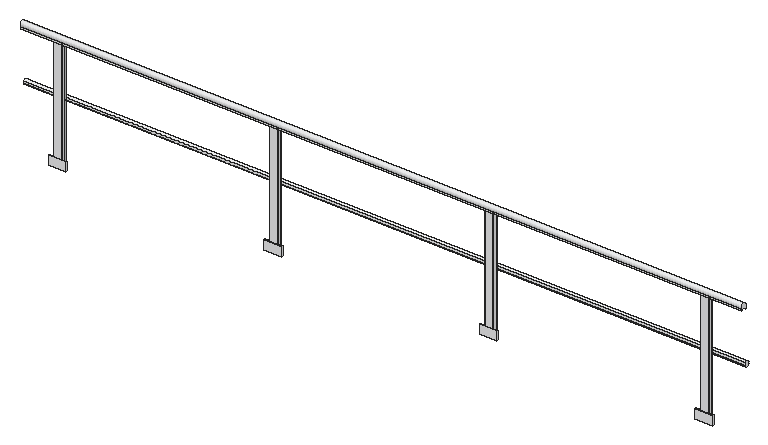
Revit family "Guardrail_Kattsafe_SideMount_HeavyDuty", category Specialty Equipment, Revit 2025
Family settings
  Round Connector Dimension = Use Diameter
  Part Type = Normal
  OmniClass Number = 23.17.25.11
  Enable Cutting in Views = No
  Cut with Voids When Loaded = No
  Maintain Annotation Orientation = No
  Shared = No
  Room Calculation Point = No
Parameters (values of type "Type 1")
  Uniclass2015Version = "Products v1.23"
  Uniclass2015Title = "Aluminium handrails"
  Uniclass2015Code = "Pr_25_30_36_03"
  URL = "https://kattsafe.com.au/"
  Type IFC Predefined Type = "GUARDRAIL"
  Type Comments = "Guardrail - Side Mount - Heavy Duty"
  SafetyDisclaimer [instance] = "WARNING! The correct placement of access, fall protection and facade maintenance systems is critical to ensure it is fit-for-purpose and safe for the operator to use. Did you know Kattsafe® have a dedicated team of Height Safety System Design Specialists? Kattsafe® provide one-on-one consultation and system design assistance to ensure you are meeting the stringent requirements of height safety and to give you PEACE OF MIND with your project."  # constant formula
  RailClosureBendEnd2 [instance] = no
  RailClosureBendEnd1 [instance] = no
  PostsSingleOption [instance] = if(and(([built-in parameter 1001306] - 80 mm - (PostsOffsetLength * 2)) < 1 mm, ([built-in parameter 1001306] - 80 mm) > 1999 mm), 1 > 0, 1 < 0)  # no
  PostsActualNumberOf [instance] = PostsOffsetLengthCalc3  # 4
  PostsOffsetLengthCalc3 [instance] = if(PostsOffsetLengthCalc > PostsOffsetLengthCalc2, rounddown(PostsOffsetLengthCalc2), PostsOffsetLengthCalc)  # 4
  PostsOffsetLengthCalc2 [instance] = (PostsOverallLength / PostsMaxSpacingLength) + 2  # 4.96
  PostsOffsetLengthCalc [instance] = (PostsOverallLength / PostsMaxSpacingLength) + 2  # 5
  PostsNumberOfCalc3 [instance] = if(and(PostsNumberOfCalc > PostsNumberOfCalc2, PostsOverallLength > PostsMaxSpacingLength * 2), rounddown(PostsNumberOfCalc2), if(PostsOverallLength < (PostsMaxSpacingLength * 2) + 1 mm, 2, PostsNumberOfCalc))  # 2
  PostsNumberOfCalc2 [instance] = (PostsOverallLength / PostsMaxSpacingLength)  # 2.96
  PostsNumberOfCalc [instance] = (PostsOverallLength / PostsMaxSpacingLength)  # 3
  PostsMaxSpacingLength = 2000 mm  # constant formula
  PostsHeight = if(1 = 1, ManufacturerOverallHeight - 42 mm, 0 mm)  # 1038 mm
  PostsArrayOption [instance] = if(([built-in parameter 1001306] - 80 mm - (PostsOffsetLength * 2)) < 1 mm, 1 < 0, 1 > 0)  # yes
  PostsOverallLength [instance] = if(1 = 1, [built-in parameter 1001306] - 80 mm, 0 mm)  # 5920 mm
  Material = Aluminum_Kattsafe_Satin
  KneerailOffsetHeightCalc2 [instance] = if(KneerailOffsetHeight > 450 mm, 450 mm, KneerailOffsetHeight)  # 435 mm
  KneerailOffsetHeightCalc [instance] = if(or(RailClosureBendEnd1, RailClosureBendEnd2), 435 mm, KneerailOffsetHeightCalc2)  # 435 mm
  KneerailOffsetHeight [instance] = 435 mm
  PostsOffsetLength [instance] = PostsOverallLength / (PostsOffsetLengthCalc3 - 1)  # 1973.333 mm
  KneerailEnd2OverhangLengthCalc [instance] = if(RailClosureBendEnd2, 200 mm, HandrailEnd2OverhangLengthCalc + KneerailOffsetLengthEnd2)  # 300 mm
  KneerailOffsetLengthEnd2 [instance] = 0 mm
  KneerailEnd1OverhangLengthCalc [instance] = if(RailClosureBendEnd1, 200 mm, HandrailEnd1OverhangLengthCalc + KneerailOffsetLengthEnd1)  # 300 mm
  KneerailOffsetLengthEnd1 [instance] = 0 mm
  KneerailAngledOffsetHeight [instance] = KneerailOffsetHeightCalc + (-HandrailAngledOffsetHeight)  # 492 mm
  HandrailEnd2OverhangLengthCalc [instance] = if(RailClosureBendEnd2, 0 mm, HandrailOverhangLengthEnd2)  # 300 mm
  HandrailOverhangLengthEnd2 [instance] = 300 mm
  HandrailEnd1OverhangLengthCalc [instance] = if(RailClosureBendEnd1, 0 mm, HandrailOverhangLengthEnd1)  # 300 mm
  HandrailOverhangLengthEnd1 [instance] = 300 mm
  ModifiedIssue = 20240430
  Model = "GW2"
  ManufacturerURLProductSpecific = "https://kattsafe.com.au/products/guardrails-walkway/guardrail-and-walkway-gw"
  ManufacturerSpecCode = Model  # "GW2"
  ManufacturerOverallWidth = 48.5 mm  # constant formula
  ManufacturerOverallLength [instance] = [built-in parameter 1001306]  # 6000 mm
  ManufacturerOverallHeight = 1080 mm  # constant formula
  Manufacturer = "Kattsafe®"  # constant formula
  built-in parameter 1001306 [instance] = 6000 mm
  IfcExportType = "GUARDRAIL"
  IfcExportAs = "IfcRailing"
  HandrailClosureAngledOffsetHeight = -532 mm  # constant formula
  HandrailAngledOffsetHeight = -57 mm  # constant formula
  GuardrailHeight = ManufacturerOverallHeight  # 1080 mm
  Export Type to IFC As = "IfcRailing"
  Description = "Kattsafe guardrail systems are the preferred method of safe access across roofs and areas close to a fall edge. The system requires no specialist PPE, personnel or training to safely prevent a fall with a walkway to designate a safe path of access across the roof surface."  # constant formula
  Default Elevation = 0 mm
  CreatedBy = "IGS BIM Solutions"  # constant formula
  CreatedByURL = "https://igsgroup.com.au"
  Assembly Code = "E1090100"
Reference planes
  plane 1 "Front_Calc": y = -48.5
  plane 2 "Mounting_Height": z = 0
  plane 3 "Left": x = 0
  plane 4 "Right": x = 6000
  plane 5 "Top": z = 1000
  plane 6 "Front": y = -48.5
  plane 7 "Post_Back": y = 0
  plane 8 "Post_Centre (Front/Back)": y = -19
  plane 9 "Kneerail_Top": z = 508
  plane 10 "Handrail_Bottom": z = 943
  plane 11 "Post_Array_Left": x = 2013.333
  plane 12 "Post_Array_Right": x = 3986.667
  plane 13 "Center (Left/Right)": x = 3000
  plane 14 "Post_Left_Centre (Left/Right)": x = 40
  plane 15 "Kneerail_Left": x = -300
  plane 16 "Post_Left": x = 0
  plane 17 "Handrail_Left": x = -300
  plane 18 "Post_Right_Centre (Left/Right)": x = 5960
  plane 19 "Kneerail_Right": x = 6300
  plane 20 "Post_Right": x = 6000
  plane 21 "Handrail_Right": x = 6300
  plane 22 "Post_Front": y = -38
  plane 23 "Left_Calc": x = 0
  plane 24 "Right_Calc": x = 6000
  plane 25 "Bottom": z = -80
Lines and regions (mm)
  reference lines
    curve 1: line (0, -48.5, 0) -> (6000, -48.5, 0)
    curve 2: line (0, -48.5, 0) -> (0.961, -48.5, 0)
    curve 3: line (6000, -48.5, 0) -> (5998.961, -48.5, 0)
    curve 4: line (0, -38, 0) -> (0, -38, 1000)
Text (mm)
  text "Disclaimer:\nDue to ongoing product development and manufacturing \nevolution, product details are subject to change without \nnotice. Please refer to product technical data sheets on \nthe manufacturers website for the most current product \ninformation. Please allow a +/- 5mm manufacturing \ntolerance for dimensions and set-outs shown in product \nliterature." at (9995.56, 2310.991, 0), in view "Ref. Level"
Dimensions and locks
  "built-in parameter 1001306": plane 3 "Left" to plane 4 "Right"
  "ManufacturerOverallHeight": plane 5 "Top" to plane 25 "Bottom"
  "KneerailOffsetHeightCalc": plane 10 "Handrail_Bottom" to plane 9 "Kneerail_Top"
  "PostsOffsetLength": plane 12 "Post_Array_Right" to plane 18 "Post_Right_Centre (Left/Right)"
  locked: plane 5 "Top" to plane 10 "Handrail_Bottom" at 57
  "PostsOffsetLength": plane 14 "Post_Left_Centre (Left/Right)" to plane 11 "Post_Array_Left"
  locked: plane 16 "Post_Left" to plane 14 "Post_Left_Centre (Left/Right)" at 40
  locked: plane 23 "Left_Calc" to plane 16 "Post_Left" at 0
  "HandrailEnd1OverhangLengthCalc": plane 17 "Handrail_Left" to plane 16 "Post_Left"
  "KneerailEnd1OverhangLengthCalc": plane 15 "Kneerail_Left" to plane 16 "Post_Left"
  locked: plane 20 "Post_Right" to plane 18 "Post_Right_Centre (Left/Right)" at 40
  equal spacing: plane 3 "Left", plane 13 "Center (Left/Right)", plane 4 "Right"
  locked: plane 20 "Post_Right" to plane 24 "Right_Calc" at 0
  "KneerailEnd2OverhangLengthCalc": plane 20 "Post_Right" to plane 19 "Kneerail_Right"
  "HandrailEnd2OverhangLengthCalc": plane 20 "Post_Right" to plane 21 "Handrail_Right"
  locked: curve 4 to nested 4 at 19
  locked: curve 4 to nested 5 at 38
  locked: curve 4 to nested 6 at 19
  locked: plane 3 "Left" to plane 23 "Left_Calc"
  locked: plane 24 "Right_Calc" to plane 4 "Right"
  locked: plane 22 "Post_Front" to plane 7 "Post_Back" at 38
  group 1 to group 2 = 1973.333 mm
  group 2 to group 1 = 0 mm
  group 1 to group 2 = 0 mm
  equal spacing: plane 22 "Post_Front", plane 8 "Post_Centre (Front/Back)", plane 7 "Post_Back"
  "ManufacturerOverallWidth": plane 6 "Front" to plane 7 "Post_Back"
  locked: plane 6 "Front" to plane 1 "Front_Calc" at 0
  locked: plane 2 "Mounting_Height" to plane 25 "Bottom" at 80
  aligned and locked: plane 4 "Right" to curve 1
  aligned and locked: plane 1 "Front_Calc" to curve 1
  aligned and locked: plane 3 "Left" to curve 1
  aligned and locked: level to plane 2 "Mounting_Height"
  aligned and locked: plane 4 "Right" to curve 3
  aligned and locked: plane 2 "Mounting_Height" to curve 4
  aligned and locked: plane 22 "Post_Front" to curve 4
  aligned and locked: nested 6 to plane 17 "Handrail_Left"
  aligned and locked: plane 17 "Handrail_Left" to nested 4
  aligned and locked: plane 15 "Kneerail_Left" to nested 5
  aligned and locked: plane 19 "Kneerail_Right" to nested 5
  aligned and locked: plane 21 "Handrail_Right" to nested 4
  aligned and locked: plane 21 "Handrail_Right" to nested 7
  aligned and locked: plane 18 "Post_Right_Centre (Left/Right)" to nested 2
  aligned and locked: nested 3 to plane 11 "Post_Array_Left"
  aligned and locked: nested 1 to plane 14 "Post_Left_Centre (Left/Right)"
  aligned and locked: nested 8 to plane 11 "Post_Array_Left"
  aligned and locked: nested 9 to plane 12 "Post_Array_Right"
  aligned and locked: plane 1 "Front_Calc" to nested 1
  aligned and locked: plane 1 "Front_Calc" to nested 8
  aligned and locked: plane 1 "Front_Calc" to nested 3
  aligned and locked: plane 1 "Front_Calc" to nested 9
  aligned and locked: plane 1 "Front_Calc" to nested 2
  aligned and locked: plane 25 "Bottom" to nested 1
  aligned and locked: plane 25 "Bottom" to nested 8
  aligned and locked: plane 25 "Bottom" to nested 3
  aligned and locked: plane 25 "Bottom" to nested 9
  aligned and locked: plane 25 "Bottom" to nested 2
Automatic sketch dimensions
  plane 3 "Left" to curve 2 = 0.961 mm
  curve 3 to plane 4 "Right" = 1.039 mm
  curve 2 to plane 3 "Left" = 0 mm
  plane 1 "Front_Calc" to curve 3 = 0 mm
  plane 1 "Front_Calc" to curve 2 = 0 mm
  curve 4 to plane 5 "Top" = 0 mm
Nested families
  nested 1: "z_Guardrail_SideMount_Kattsafe_Post_HeavyDuty" at (14.215, -38, -80) x (-1, 0, 0) z (0, 0, 1), ManufacturerOverallHeight <- "PostsHeight", Material <- "Material", type "GW352S"
    with Material Aluminum_Kattsafe_Satin, ManufacturerOverallHeight 1038 mm, ManufacturerOverallDepth 48.5 mm
  nested 2: "z_Guardrail_SideMount_Kattsafe_Post_HeavyDuty" at (5934.215, -38, -80) x (-1, 0, 0) z (0, 0, 1), ManufacturerOverallHeight <- "PostsHeight", Material <- "Material", type "GW352S"
    with Material Aluminum_Kattsafe_Satin, ManufacturerOverallHeight 1038 mm, ManufacturerOverallDepth 48.5 mm
  nested 3: "z_Guardrail_SideMount_Kattsafe_Post_HeavyDuty" at (1987.549, -38, -80) x (-1, 0, 0) z (0, 0, 1), ManufacturerOverallHeight <- "PostsHeight", visible <- "PostsSingleOption", Material <- "Material", type "GW352S"
    with Material Aluminum_Kattsafe_Satin, ManufacturerOverallHeight 1038 mm, ManufacturerOverallDepth 48.5 mm
  nested 4: "z_Guardrail_Kattsafe_HandrailTube" at (-274.215, -19, 943), built-in parameter 1001364 <- "HandrailAngledOffsetHeight", Material <- "Material", type "GW374"
    with Material Aluminum_Kattsafe_Satin, ManufacturerOverallLength 6600 mm
  nested 5: "z_Guardrail_Kattsafe_KneerailTube" at (-274.215, 17.15, 508) x (1, 0, 0) z (0, 0, -1), built-in parameter 1001364 <- "KneerailAngledOffsetHeight", Material <- "Material", type "GW375"
    with Material Aluminum_Kattsafe_Satin, ManufacturerOverallLength 6600 mm
  nested 6: "z_Guardrail_Kattsafe_HandrailClosureBend" at (-674.215, -19, 468), built-in parameter 1001364 <- "HandrailClosureAngledOffsetHeight", visible <- "RailClosureBendEnd1", Material <- "Material", type "GW387"
    with Material Aluminum_Kattsafe_Satin, ManufacturerOverallLength 400 mm
  nested 7: "z_Guardrail_Kattsafe_HandrailClosureBend" at (6674.215, -19, 468) x (-1, 0, 0) z (0, 0, 1), built-in parameter 1001364 <- "HandrailClosureAngledOffsetHeight", visible <- "RailClosureBendEnd2", Material <- "Material", type "GW387"
    with Material Aluminum_Kattsafe_Satin, ManufacturerOverallLength 400 mm
  nested 8: "z_Guardrail_SideMount_Kattsafe_Post_HeavyDuty" at (1987.549, -38, -80) x (-1, 0, 0) z (0, 0, 1), ManufacturerOverallHeight <- "PostsHeight", visible <- "PostsArrayOption", Material <- "Material", type "GW352S"
    with Material Aluminum_Kattsafe_Satin, ManufacturerOverallHeight 1038 mm, ManufacturerOverallDepth 48.5 mm
  nested 9: "z_Guardrail_SideMount_Kattsafe_Post_HeavyDuty" at (3960.882, -38, -80) x (-1, 0, 0) z (0, 0, 1), ManufacturerOverallHeight <- "PostsHeight", visible <- "PostsArrayOption", Material <- "Material", type "GW352S"
    with Material Aluminum_Kattsafe_Satin, ManufacturerOverallHeight 1038 mm, ManufacturerOverallDepth 48.5 mm
Definition of nested family "z_Guardrail_SideMount_Kattsafe_Post_HeavyDuty"
  Parameters (values of type "GW352S")
    URL = "https://kattsafe.com.au/"
    Type Comments = ""
    ModifiedIssue = 20191004
    Model = "GW352S"
    Material [instance] = none
    ManufacturerURLProductSpecific = ""
    ManufacturerSpecCode = Model  # "GW352S"
    ManufacturerOverallWidth = 160 mm  # constant formula
    ManufacturerOverallHeight [instance] = 1040 mm
    ManufacturerOverallDepth [instance] = 48.5 mm  # constant formula
    Manufacturer = "SAYFA"  # constant formula
    Keynote = ""
    Description = "Sentry Side Mount Guardrail Post (Heavy Duty)"
    Default Elevation = 0 mm  # constant formula
    CreatedBy = "IGS BIM Solutions"  # constant formula
    CreatedByURL = "https://igsgroup.com.au"
  Reference planes
    plane 1 "Bottom": z = 0
    plane 2 "Post_Back": y = 0
    plane 3 "Center (Left/Right)": x = -25.785
    plane 4 "Top": z = 1040
    plane 5 "Post_Right": x = 14.215
    plane 6 "Post_Left": x = -65.785
    plane 7 "Front": y = -38
    plane 8 "Post_Centre (Front/Back)": y = -19
    plane 9 "Left": x = -105.785
    plane 10 "Right": x = 54.215
    plane 11 "Back": y = 10.5
  Forms (mm)
    Extrusion 1, solid, material <- "Material"
      sketch origin (0, 0, 0) x (1, 0, 0) y (0, 1, 0)
        loop
          arc (-60.785, 0) -> (-64.32, -1.464) -> (-65.785, -5) r 5
          line (-65.785, -5) -> (-65.785, -33)
          arc (-65.785, -33) -> (-64.32, -36.536) -> (-60.785, -38) r 5
          line (-60.785, -38) -> (9.215, -38)
          arc (9.215, -38) -> (12.751, -36.536) -> (14.215, -33) r 5
          line (14.215, -33) -> (14.215, -5)
          arc (14.215, -5) -> (12.751, -1.464) -> (9.215, 0) r 5
          line (9.215, 0) -> (-60.785, 0)
      from 0 to 1040
    Extrusion 2, solid, material <- "Material"
      sketch origin (0, 10.5, 0) x (-1, 0, 0) y (0, 0, 1)
        loop
          line (105.785, 0) -> (105.785, 80) -> (-54.215, 80) -> (-54.215, 0) -> (105.785, 0)
      from 0 to -10.5
  Dimensions and locks
    "ManufacturerOverallHeight": plane 4 "Top" to plane 1 "Bottom"
    locked: plane 6 "Post_Left" to plane 5 "Post_Right" at 80
    "ManufacturerOverallDepth": plane 11 "Back" to plane 7 "Front"
    equal spacing: plane 6 "Post_Left", plane 3 "Center (Left/Right)", plane 5 "Post_Right"
    plane 8 "Post_Centre (Front/Back)" to plane 2 "Post_Back" = 19 mm
    equal spacing: plane 9 "Left", plane 3 "Center (Left/Right)", plane 10 "Right"
    "ManufacturerOverallWidth": plane 9 "Left" to plane 10 "Right"
    locked: plane 2 "Post_Back" to plane 11 "Back" at 10.5
    locked: Extrusion 2 sketch curve to plane 1 "Bottom" at 80
    radius of Extrusion 1 sketch curve = 5 mm  (x4)
    aligned and locked: level to plane 1 "Bottom"
    aligned and locked: plane 6 "Post_Left" to Extrusion 1 sketch curve
    aligned and locked: plane 5 "Post_Right" to Extrusion 1 sketch curve
    aligned and locked: plane 2 "Post_Back" to Extrusion 1 sketch curve
    aligned and locked: Extrusion 1 to plane 1 "Bottom"
    aligned and locked: Extrusion 1 to plane 4 "Top"
    aligned and locked: plane 7 "Front" to Extrusion 1 sketch curve
    aligned and locked: Extrusion 2 to plane 1 "Bottom"
    aligned and locked: Extrusion 2 to plane 9 "Left"
    aligned and locked: Extrusion 2 to plane 10 "Right"
    aligned and locked: Extrusion 2 to plane 11 "Back"
    aligned and locked: plane 2 "Post_Back" to Extrusion 2
  Automatic sketch dimensions
    Extrusion 2 sketch curve to level = 0 mm
    plane 10 "Right" to Extrusion 2 sketch curve = 0 mm
    Extrusion 2 sketch curve to plane 9 "Left" = 0 mm
Definition of nested family "z_Guardrail_Kattsafe_HandrailTube"
  Parameters (values of type "GW374")
    URL = "https://kattsafe.com.au/"
    Type Comments = ""
    ModifiedIssue = 20190911
    Model = "GW374"
    Material [instance] = none
    ManufacturerURLProductSpecific = ""
    ManufacturerSpecCode = Model  # "GW374"
    ManufacturerOverallWidth = 50 mm  # constant formula
    ManufacturerOverallLength [instance] = 6000 mm
    ManufacturerOverallHeight = 57 mm  # constant formula
    Manufacturer = "SAYFA"  # constant formula
    Keynote = ""
    Description = "Sentry Handrail Tube"
    Default Elevation = 0 mm  # constant formula
    CreatedBy = "IGS BIM Solutions"  # constant formula
    CreatedByURL = "https://igsgroup.com.au"
  Reference planes
    plane 1 "Bottom": z = 0
    plane 2 "Center (Front/Back)": y = 0
    plane 3 "Front": y = -25
    plane 4 "Left": x = -25.785
    plane 5 "Center (Left/Right)": x = 2974.215
    plane 6 "Top": z = 57
    plane 7 "Right": x = 5974.215
    plane 8 "Back": y = 25
    plane 9 "Rail_Top": z = 15
  Forms (mm)
    Extrusion 1, solid, material <- "Material"
      sketch origin (-25.785, 0, 0) x (0, 1, 0) y (0, 0, 1)
        loop
          arc (21, 18.435) -> (0, 57) -> (-21, 18.435) r 25
          line (-21, 18.435) -> (-21, 0) -> (-20, 0) -> (-20, 15) -> (20, 15) -> (20, 0) -> (21, 0) -> (21, 18.435)
      from 0 to 6000
  Dimensions and locks
    "ManufacturerOverallWidth": plane 8 "Back" to plane 3 "Front"
    "ManufacturerOverallHeight": plane 6 "Top" to plane 1 "Bottom"
    equal spacing: plane 4 "Left", plane 5 "Center (Left/Right)", plane 7 "Right"
    "ManufacturerOverallLength": plane 4 "Left" to plane 7 "Right"
    equal spacing: plane 8 "Back", plane 2 "Center (Front/Back)", plane 3 "Front"
    locked: plane 9 "Rail_Top" to plane 1 "Bottom" at 15
    aligned and locked: plane 1 "Bottom" to level
    aligned and locked: Extrusion 1 sketch curve to plane 1 "Bottom"  (x2)
    aligned and locked: Extrusion 1 to plane 4 "Left"
    aligned and locked: Extrusion 1 to plane 7 "Right"
  Automatic sketch dimensions
    Extrusion 1 sketch curve to plane 2 "Center (Front/Back)" = 0 mm
    Extrusion 1 sketch curve to Extrusion 1 sketch curve = 3.435 mm
    Extrusion 1 sketch curve to plane 9 "Rail_Top" = 3.435 mm
    Extrusion 1 sketch curve to Extrusion 1 sketch curve = 1 mm  (x2)
    plane 3 "Front" to Extrusion 1 sketch curve = 5 mm
    Extrusion 1 sketch curve to plane 9 "Rail_Top" = 17 mm
    plane 9 "Rail_Top" to Extrusion 1 sketch curve = 0 mm
Definition of nested family "z_Guardrail_Kattsafe_KneerailTube"
  Parameters (values of type "GW375")
    URL = "https://kattsafe.com.au/"
    Type Comments = ""
    ModifiedIssue = 20190911
    Model = "GW375"
    Material [instance] = none
    ManufacturerURLProductSpecific = ""
    ManufacturerSpecCode = Model  # "GW375"
    ManufacturerOverallWidth = 34.3 mm  # constant formula
    ManufacturerOverallLength [instance] = 6000 mm
    ManufacturerOverallHeight = 40 mm  # constant formula
    Manufacturer = "SAYFA"  # constant formula
    Keynote = ""
    Description = "Sentry Kneerail Tube"
    Default Elevation = 0 mm  # constant formula
    CreatedBy = "IGS BIM Solutions"  # constant formula
    CreatedByURL = "https://igsgroup.com.au"
  Reference planes
    plane 1 "Bottom": z = 0
    plane 2 "Center (Front/Back)": y = 1.438
    plane 3 "Front": y = -17.15
    plane 4 "Left": x = -25.785
    plane 5 "Center (Left/Right)": x = 2974.215
    plane 6 "Top": z = 40
    plane 7 "Right": x = 5974.215
    plane 8 "Back": y = 17.15
    plane 9 "Center (Elevation)": z = 20
  Forms (mm)
    Extrusion 1, solid, material <- "Material"
      sketch origin (2974.215, 0, 0) x (0, 1, 0) y (0, 0, -1)
        loop
          line (17.15, -32.374) -> (17.15, -7.626)
          arc (17.15, -7.626) -> (-1.443, -0.208) -> (-17.15, -12.617) r 20
          line (-17.15, -12.617) -> (-13.15, -12.617) -> (-13.15, -27.383) -> (-17.15, -27.383)
          arc (-17.15, -27.383) -> (-1.443, -39.792) -> (17.15, -32.374) r 20
      from -3000 to 3000
  Dimensions and locks
    "ManufacturerOverallWidth": plane 8 "Back" to plane 3 "Front"
    "ManufacturerOverallHeight": plane 6 "Top" to plane 1 "Bottom"
    equal spacing: plane 4 "Left", plane 5 "Center (Left/Right)", plane 7 "Right"
    "ManufacturerOverallLength": plane 4 "Left" to plane 7 "Right"
    equal spacing: plane 6 "Top", plane 9 "Center (Elevation)", plane 1 "Bottom"
    aligned and locked: plane 1 "Bottom" to level
    aligned and locked: Extrusion 1 to plane 7 "Right"
    aligned and locked: Extrusion 1 to plane 4 "Left"
  Automatic sketch dimensions
    Extrusion 1 sketch curve to Extrusion 1 sketch curve = 0 mm  (x2)
    Extrusion 1 sketch curve to plane 3 "Front" = 0 mm  (x2)
    Extrusion 1 sketch curve to plane 2 "Center (Front/Back)" = 0 mm
    Extrusion 1 sketch curve to plane 8 "Back" = 0 mm
    plane 9 "Center (Elevation)" to Extrusion 1 sketch curve = 0 mm
    Extrusion 1 sketch curve to Extrusion 1 sketch curve = 4 mm
    Extrusion 1 sketch curve to plane 9 "Center (Elevation)" = 7.383 mm
    plane 9 "Center (Elevation)" to Extrusion 1 sketch curve = 7.383 mm
Definition of nested family "z_Guardrail_Kattsafe_HandrailClosureBend"
  Parameters (values of type "GW387")
    URL = "https://kattsafe.com.au/"
    Type Comments = ""
    ModifiedIssue = 20190917
    Model = "GW387"
    Material [instance] = none
    ManufacturerURLProductSpecific = ""
    ManufacturerSpecCode = Model  # "GW387"
    ManufacturerOverallWidth = 50 mm  # constant formula
    ManufacturerOverallLength [instance] = 400 mm  # constant formula
    ManufacturerOverallHeight = 532 mm  # constant formula
    Manufacturer = "SAYFA"  # constant formula
    Keynote = ""
    Description = "Handrail Closure Bend"
    Default Elevation = 0 mm  # constant formula
    CreatedBy = "IGS BIM Solutions"  # constant formula
    CreatedByURL = "https://igsgroup.com.au"
  Reference planes
    plane 1 "Bottom": z = 0
    plane 2 "Center (Front/Back)": y = 0
    plane 3 "Front": y = -25
    plane 4 "Left": x = -25.785
    plane 5 "Center (Left/Right)": x = 174.215
    plane 6 "Top": z = 532
    plane 7 "Right": x = 374.215
    plane 8 "Handrail_Back": y = 25
    plane 9 "Kneerail_Centre (Front/Back)": y = 34.7
    plane 10 "Kneerail_Centre (Elevation)": z = 20
    plane 11 "Handrail_Centre (Elevation)": z = 507
    plane 12 "Back": y = 59.69
  Forms (mm)
    Sweep 1, solid, material <- "Material"
      path origin (0, 36.034, 1.282) x (1, 0, 0) y (0, -0.071072, 0.997471)
        loop
          line (374.215, 532) -> (74.215, 532)
          arc (74.215, 532) -> (3.505, 502.711) -> (-25.785, 432) r 100
          line (-25.785, 432) -> (-25.785, 93.9)
          arc (-25.785, 93.9) -> (3.505, 23.189) -> (74.215, -6.1) r 100
          line (74.215, -6.1) -> (164.215, -6.1)
      profile origin (224.215, -1.777, 531.937) x (0, 0.071072, -0.997471) y (0, -0.997471, -0.071072)
        loop
          circle (25, 0) r 25
    SweptBlend 2, solid, material <- "Material"
      path origin (0, 34.7, 0) x (-1, 0, 0) y (0, 0, 1)
        loop
          line (-164.215, 20) -> (-174.215, 20)
      profile origin (164.215, 34.7, 20) x (0, 0, 1) y (0, -1, 0)
        loop
          circle (0, 0) r 25
      end profile origin (174.215, 34.7, 20) x (0, 0, 1) y (0, -1, 0)
        loop
          circle (0, 0) r 20
  Lines and regions (mm)
    symbolic lines
      curve 1: circle (374.215, 34.7, 20) r 25 normal (1, 0, 0)
  Dimensions and locks
    "ManufacturerOverallWidth": plane 8 "Handrail_Back" to plane 3 "Front"
    "ManufacturerOverallHeight": plane 6 "Top" to plane 1 "Bottom"
    equal spacing: plane 4 "Left", plane 5 "Center (Left/Right)", plane 7 "Right"
    "ManufacturerOverallLength": plane 4 "Left" to plane 7 "Right"
    equal spacing: plane 8 "Handrail_Back", plane 2 "Center (Front/Back)", plane 3 "Front"
    locked: plane 2 "Center (Front/Back)" to plane 9 "Kneerail_Centre (Front/Back)" at 34.7
    locked: profile plane to Sweep 1 sketch curve at 25
    Sweep 1 sketch curve to plane 5 "Center (Left/Right)" = 10 mm
    locked: plane 12 "Back" to plane 3 "Front" at 84.69
    radius of Sweep 1 sketch curve = 100 mm  (x2)
    radius of SweptBlend 2 sketch curve = 25 mm
    radius of SweptBlend 2 sketch curve = 20 mm
    aligned and locked: plane 1 "Bottom" to level
    aligned and locked: Sweep 1 sketch curve to plane 4 "Left"
    aligned and locked: profile plane to Sweep 1 sketch curve
    aligned and locked: plane 10 "Kneerail_Centre (Elevation)" to SweptBlend 2 sketch curve
    aligned and locked: profile plane to SweptBlend 2 sketch curve  (x4)
  Automatic sketch dimensions
    curve 1 to plane 9 "Kneerail_Centre (Front/Back)" = 0 mm
    plane 10 "Kneerail_Centre (Elevation)" to curve 1 = 0 mm
    Sweep 1 sketch curve to plane 7 "Right" = 0 mm
    Sweep 1 sketch curve to Sweep 1 sketch curve = 338.1 mm
    plane 5 "Center (Left/Right)" to SweptBlend 2 sketch curve = 0 mm
    SweptBlend 2 sketch curve to plane 5 "Center (Left/Right)" = 10 mm
    radius of curve 1 = 25 mm
    radius of Sweep 1 sketch curve = 25 mm
